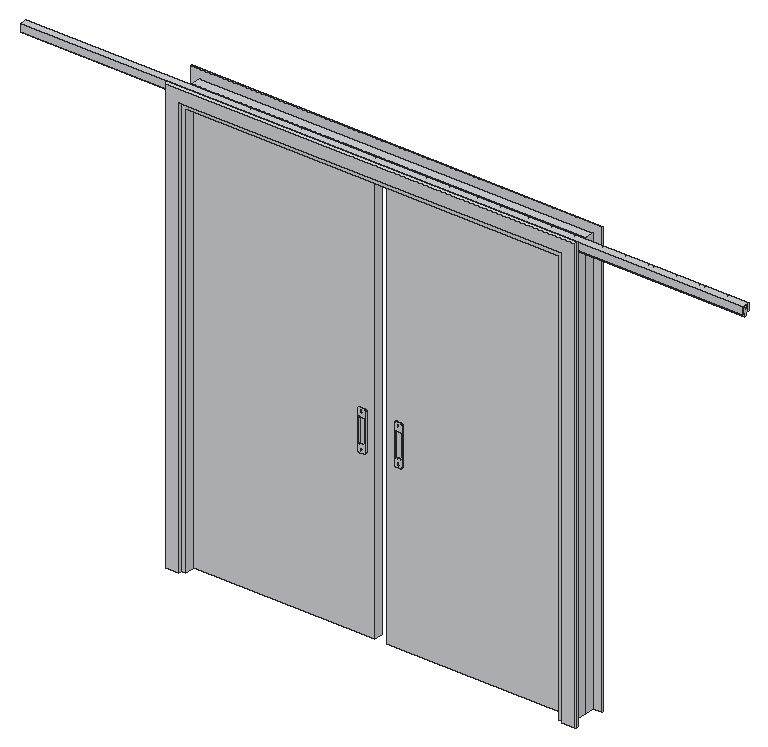
Revit family "Porta de correr com revestimento - 2 Painéis embutidos na parede", category Portas, Revit 2019
Family settings
  Hospedeiro = Parede
  Número OmniClass = 23.30.10.00
  Título OmniClass = Doors
  Sempre na vertical = Sim
  Corte com vazios quando carregada = Não
  Compartilhado = Não
  Ponto de cálculo do ambiente = Não
Parameters (values of type "920 x 2100mm")
  Visual Light Transmittance = 0
  Largura da apara = 70 mm
  Espessura da apara = 10 mm
  Material da apara = none
  Espessura = 45 mm
  Solar Heat Gain Coefficient = 0
  Material deslizante = none
  Rough Width = 1940 mm
  Rough Height = 2100 mm
  Largura do painel = (Width - Largura da estrutura * 2) / 2  # 920 mm
  ID do tipo de construção = ""
  Coeficiente de transferência de calor (U) = 3.7021 W/(m²·K)
  Material do puxador = none
  Estender largura = Largura do painel - 60 mm  # 860 mm
  Material do painel = none
  Função = Interior
  Largura da estrutura = 50 mm
  Height = Rough Height  # 2100 mm
  Fechamento da parede = Por hospedeiro
  Width = Rough Width  # 1940 mm
  Material da moldura = none
  Construção analítica = Metal
Types (5, lengths in mm): name | Rough Width | Largura do painel | Estender largura | Width
  (no name) | 1940 | 920 | 860 | 1940
  920 x 2100mm | 1940 | 920 | 860 | 1940
  620 x 2100mm | 1340 | 620 | 560 | 1340
  720 x 2100mm | 1540 | 720 | 660 | 1540
  820 x 2100mm | 1740 | 820 | 760 | 1740
Reference planes
  plane 1 "Centro (Frente/Trás)": y = 0
  plane 2 "Centro (Esquerda/Direita)": x = 0
  plane 3 "Esquerda": x = -970
  plane 4 "Direita": x = 970
  plane 5: z = 2100
  plane 6 "Exterior": y = 75
  plane 7 "Interior": y = -75
  plane 8: z = 0
  plane 9: x = -920
  plane 10: x = 920
  plane 11: y = 22.5
  plane 12: y = -22.5
  plane 13: y = 27.5
  plane 14: y = -27.5
  plane 15: x = -1780
  plane 16: x = -510
  plane 17: x = -1430
  plane 18: z = 1050
  plane 19: z = 900
  plane 20: x = -30
  plane 21: x = 30
  plane 22: x = -90
  plane 23: x = 90
  plane 24: x = 510
  plane 25: x = 1430
  plane 26: x = 1780
  plane 27: x = -647.5
  plane 28: x = -372.5
  plane 29: through (-647.5, -300, 1050) normal (-0.5, 0, 0.866)
  plane 30: through (-647.5, -300, 1050) normal (0.5, 0, 0.866)
  plane 31: x = 647.5
  plane 32: x = 372.5
  plane 33: through (647.5, -300, 1050) normal (-0.5, 0, -0.866)
  plane 34: through (647.5, -300, 1050) normal (0.5, 0, -0.866)
Forms (mm)
  Sweep 1, solid, material <- "Material deslizante", detail levels fine
    path origin (0, 0, 0) x (1, 0, 0) y (0, 0, 1)
      loop
        line (1780, 2100) -> (-1780, 2100)
    profile "Perfil_Deslizante_M : Perfil_Deslizante_M" origin (0, 0, 2100) x (0, 0, -1) y (0, -1, 0)
      loop
        line (33, 2.875) -> (35, 2.875) -> (35, 17.5) -> (0, 17.5) -> (0, -17.5) -> (35, -17.5) -> (35, -2.875) -> (33, -2.875) -> (33, -15.5) -> (2, -15.5) -> (2, 15.5) -> (33, 15.5) -> (33, 2.875)
      loop
        line (21.25, -5.875) -> (21.25, -1.25) -> (50, -1.25) -> (50, 1.25) -> (21.25, 1.25) -> (21.25, 5.875) -> (32, 5.875) -> (32, 10.875) -> (8.25, 10.875) -> (8.25, 5.875) -> (18.75, 5.875) -> (18.75, -5.875) -> (8.25, -5.875) -> (8.25, -10.875) -> (32, -10.875) -> (32, -5.875) -> (21.25, -5.875)
  Extrusion 2, solid, material <- "Material do painel", detail levels medium+fine
    sketch origin (0, 0, 2100) x (0, -1, 0) y (-1, 0, 0)
      loop
        line (-22.5, 970) -> (-22.5, 30) -> (22.5, 30) -> (22.5, 970) -> (-22.5, 970)
    from 50 to 2100
  Extrusion 3, solid, material <- "Material do painel", detail levels fine
    sketch origin (0, 0, 2100) x (0, -1, 0) y (-1, 0, 0)
      loop
        line (-22.5, -30) -> (-22.5, -970) -> (22.5, -970) -> (22.5, -30) -> (-22.5, -30)
    from 50 to 2100
  Sweep 4, solid, material <- "Material da moldura", detail levels medium+fine
    path origin (0, 0, 0) x (1, 0, 0) y (0, 0, 1)
      loop
        line (-970, 0) -> (-970, 2100) -> (970, 2100) -> (970, 0)
    profile origin (-970, 0, 1050) x (-1, 0, 0) y (0, -1, 0)
      loop
        line (0, -75) -> (0, -27.5) -> (-50, -27.5) -> (-50, -75) -> (0, -75)
  Sweep 5, solid, material <- "Material da moldura", detail levels medium+fine
    path origin (0, 0, 0) x (1, 0, 0) y (0, 0, 1)
      loop
        line (-970, 0) -> (-970, 2100) -> (970, 2100) -> (970, 0)
    profile origin (-970, 0, 1050) x (-1, 0, 0) y (0, -1, 0)
      loop
        line (0, 27.5) -> (0, 75) -> (-50, 75) -> (-50, 27.5) -> (0, 27.5)
  Extrusion 6, solid, material <- "Material do painel", detail levels coarse+medium
    sketch origin (0, 0, 2100) x (0, -1, 0) y (-1, 0, 0)
      loop
        line (-27.5, 970) -> (-27.5, 30) -> (27.5, 30) -> (27.5, 970) -> (-27.5, 970)
    from 0 to 2100
  Extrusion 7, solid, material <- "Material do painel", detail levels coarse+medium
    sketch origin (0, 0, 2100) x (0, -1, 0) y (-1, 0, 0)
      loop
        line (-27.5, -30) -> (-27.5, -970) -> (27.5, -970) -> (27.5, -30) -> (-27.5, -30)
    from 0 to 2100
  Sweep 8, solid, material <- "Material da apara", detail levels fine
    path origin (0, 75, 0) x (1, 0, 0) y (0, 0, 1)
      loop
        line (-970, 0) -> (-970, 2100) -> (970, 2100) -> (970, 0)
    profile "Perfil da apara : Perfil da apara" origin (970, 75, 1050) x (1, 0, 0) y (0, -1, 0)
      loop
        line (43, 0) -> (-27, 0) -> (-27, -10) -> (37, -10) -> (43, -4) -> (43, 0)
  Sweep 9, solid, material <- "Material da apara", detail levels fine
    path origin (0, -75, 0) x (1, 0, 0) y (0, 0, 1)
      loop
        line (970, 0) -> (970, 2100) -> (-970, 2100) -> (-970, 0)
    profile "Perfil da apara : Perfil da apara" origin (970, -75, 1050) x (-1, 0, 0) y (0, -1, 0)
      loop
        line (-43, 0) -> (27, 0) -> (27, 10) -> (-37, 10) -> (-43, 4) -> (-43, 0)
Lines and regions (mm)
  Opening 1
    outline origin (-3739.296, -75, 0) x (1, 0, 0) y (0, 0, 1)
      loop
        line (2769.296, 0) -> (4709.296, 0) -> (4709.296, 2100) -> (2769.296, 2100) -> (2769.296, 0)
  Masking region 1
    outline origin (0, 0, 2100) x (0, -1, 0) y (1, 0, 0)
      loop
        line (-27.5, -1780) -> (27.5, -1780) -> (27.5, -510) -> (-27.5, -510) -> (-27.5, -1780)
  Masking region 2
    outline origin (0, 0, 2100) x (0, -1, 0) y (1, 0, 0)
      loop
        line (-27.5, 510) -> (27.5, 510) -> (27.5, 1780) -> (-27.5, 1780) -> (-27.5, 510)
  symbolic lines, style "DoorsPanelProjection"
    curve 1: line (-970, 27.5, 2100) -> (-1780, 27.5, 2100)
    curve 2: line (-1780, 27.5, 2100) -> (-1780, -27.5, 2100)
    curve 3: line (-1780, -27.5, 2100) -> (-970, -27.5, 2100)
    curve 4: line (-1780, 27.5, 2100) -> (-920, 27.5, 2100)
    curve 9: line (920, 27.5, 2100) -> (1780, 27.5, 2100)
    curve 10: line (1780, -27.5, 2100) -> (920, -27.5, 2100)
    curve 11: line (1780, 27.5, 2100) -> (1780, -27.5, 2100)
  symbolic lines, style "DoorsPanelProjection", detail levels fine
    curve 5: line (-1430, 22.5, 2100) -> (-510, 22.5, 2100)
    curve 6: line (-1430, -22.5, 2100) -> (-1430, 22.5, 2100)
    curve 7: line (-510, -22.5, 2100) -> (-1430, -22.5, 2100)
    curve 8: line (-510, 22.5, 2100) -> (-510, -22.5, 2100)
    curve 12: line (510, 22.5, 2100) -> (1430, 22.5, 2100)
    curve 13: line (510, -22.5, 2100) -> (510, 22.5, 2100)
    curve 14: line (1430, -22.5, 2100) -> (510, -22.5, 2100)
    curve 15: line (1430, 22.5, 2100) -> (1430, -22.5, 2100)
  symbolic lines, style "Giro da elevação", detail levels medium+fine
    curve 16: line (920, 75, 0) -> (30, 75, 2050)
    curve 17: line (30, 75, 0) -> (920, 75, 2050)
    curve 18: line (-30, 75, 2050) -> (-920, 75, 0)
    curve 19: line (-30, 75, 0) -> (-920, 75, 2050)
  symbolic lines, style "Giro da elevação", detail levels coarse
    curve 20: line (970, 75, 2100) -> (30, 75, 0)
    curve 21: line (970, 75, 0) -> (30, 75, 2100)
    curve 22: line (-30, 75, 2100) -> (-970, 75, 0)
    curve 23: line (-970, 75, 2100) -> (-30, 75, 0)
  symbolic lines, style "DoorsPanelProjection", detail levels coarse+medium
    curve 24: line (-970, 27.5, 0) -> (-510, 27.5, 0)
    curve 25: line (-510, 27.5, 0) -> (-510, -27.5, 0)
    curve 26: line (-510, -27.5, 0) -> (-970, -27.5, 0)
    curve 27: line (-1430, 27.5, 0) -> (-1430, -27.5, 0)
    curve 28: line (970, 27.5, 0) -> (510, 27.5, 0)
    curve 29: line (510, 27.5, 0) -> (510, -27.5, 0)
    curve 30: line (510, -27.5, 0) -> (967.059, -27.5, 0)
    curve 31: line (1430, -27.5, 0) -> (1430, 27.5, 0)
  symbolic lines, style "Seta"
    curve 32: line (-647.5, 0, 1050) -> (-372.5, 0, 1050)
    curve 33: line (-647.5, 0, 1050) -> (-569.558, 0, 1095)
    curve 34: line (-647.5, 0, 1050) -> (-569.558, 0, 1005)
    curve 35: line (647.5, 0, 1050) -> (372.5, 0, 1050)
    curve 36: line (647.5, 0, 1050) -> (569.558, 0, 1095)
    curve 37: line (647.5, 0, 1050) -> (569.558, 0, 1005)
Text (mm)
  text "Externo" at (-2295.016, 1099.543, 0), in view "Nível de referência"
  text "Externo" at (0, 1615.38, 3698.081), in view "Esquerda"
  text "Externo" at (0, 1036.032, 3874.932), in view "Direita"
Dimensions and locks
  equal spacing: plane 3 "Esquerda", plane 2 "Centro (Esquerda/Direita)", plane 4 "Direita"
  "Width": plane 3 "Esquerda" to plane 4 "Direita"
  "Height": plane 5 to host wall
  locked: plane 6 "Exterior" to host wall at 0
  locked: plane 7 "Interior" to host wall
  locked: level to plane 8 at 0
  "Largura da estrutura": plane 3 "Esquerda" to plane 9
  "Largura da estrutura": plane 10 to plane 4 "Direita"
  equal spacing: plane 11, plane 1 "Centro (Frente/Trás)", plane 12
  "Espessura": plane 11 to plane 12
  locked: plane 13 to plane 11 at 5
  locked: plane 12 to plane 14 at 5
  "Estender largura": plane 15 to plane 9
  equal spacing: plane 17, plane 3 "Esquerda", plane 16
  "Largura do painel": plane 17 to plane 16
  locked: plane 8 to plane 19 at 900
  equal spacing: plane 20, plane 2 "Centro (Esquerda/Direita)", plane 21
  locked: plane 20 to plane 21 at 60
  plane 22 to plane 20 = 60 mm
  plane 21 to plane 23 = 60 mm
  "Largura do painel": plane 24 to plane 25
  equal spacing: plane 24, plane 4 "Direita", plane 25
  "Estender largura": plane 10 to plane 26
  equal spacing: plane 8, plane 18, plane 5
  locked: plane 27 to plane 28 at 275
  equal spacing: plane 27, plane 16, plane 28
  locked: curve 33 to curve 33 at 90
  locked: curve 34 to curve 34 at 90
  locked: plane 31 to plane 32 at 275
  equal spacing: plane 31, plane 24, plane 32
  locked: curve 36 to curve 36 at 90
  locked: curve 37 to curve 37 at 90
  locked: plane 18 to plane 29 (angle 30.00°)
  locked: plane 30 to plane 18 (angle 30.00°)
  locked: plane 33 to plane 18 (angle 30.00°)
  locked: plane 18 to plane 34 (angle 30.00°)
  aligned and locked: plane 3 "Esquerda" to Opening 1 sketch curve
  aligned and locked: plane 5 to Opening 1 sketch curve  (x2)
  aligned and locked: Opening 1 sketch curve to plane 4 "Direita"
  aligned and locked: Opening 1 sketch curve to level
  aligned and locked: host wall to plane 1 "Centro (Frente/Trás)"
  aligned and locked: plane 13 to curve 1
  aligned and locked: curve 2 to plane 15
  aligned and locked: curve 3 to plane 14
  aligned and locked: plane 5 to Sweep 1 sketch curve
  aligned and locked: Masking region 1 sketch curve to curve 1
  aligned and locked: Masking region 1 sketch curve to curve 2
  aligned and locked: plane 16 to Masking region 1 sketch curve
  aligned and locked: plane 15 to Sweep 1 sketch curve
  aligned and locked: Extrusion 2 sketch curve to plane 12
  aligned and locked: plane 20 to Extrusion 2 sketch curve
  aligned and locked: Extrusion 2 to plane 8
  aligned and locked: plane 11 to Extrusion 3 sketch curve
  aligned and locked: Extrusion 3 sketch curve to plane 21
  aligned and locked: Extrusion 3 sketch curve to plane 12
  aligned and locked: Extrusion 3 sketch curve to plane 4 "Direita"
  aligned and locked: Extrusion 3 to plane 8
  aligned and locked: Extrusion 3 to plane 21
  aligned and locked: Extrusion 3 to plane 4 "Direita"
  aligned and locked: curve 4 to plane 13
  aligned and locked: plane 9 to curve 4
  aligned and locked: curve 5 to plane 11
  aligned and locked: plane 17 to curve 6
  aligned and locked: plane 12 to curve 7
  aligned and locked: curve 8 to plane 16
  aligned and locked: plane 26 to Masking region 2
  aligned and locked: plane 13 to Masking region 2
  aligned and locked: Masking region 2 to plane 24
  aligned and locked: plane 14 to Masking region 2
  aligned and locked: curve 9 to plane 13
  aligned and locked: curve 10 to plane 14
  aligned and locked: curve 11 to plane 26
  aligned and locked: plane 10 to curve 10
  aligned and locked: plane 10 to curve 9
  aligned and locked: plane 24 to curve 13
  aligned and locked: curve 12 to plane 11
  aligned and locked: curve 15 to plane 25
  aligned and locked: curve 14 to plane 12
  aligned and locked: plane 21 to Extrusion 3  (x2)
  aligned and locked: plane 10 to curve 16
  aligned and locked: plane 8 to curve 16
  aligned and locked: plane 21 to curve 16
  aligned and locked: plane 8 to curve 17
  aligned and locked: plane 10 to curve 17
  aligned and locked: plane 20 to curve 19
  aligned and locked: plane 8 to curve 19
  aligned and locked: plane 8 to curve 18
  aligned and locked: plane 9 to curve 18
  aligned and locked: plane 20 to curve 18
  aligned and locked: plane 9 to curve 19
  aligned and locked: plane 26 to Sweep 1 sketch curve
  aligned and locked: Sweep 4 sketch curve to plane 3 "Esquerda"
  aligned and locked: plane 5 to Sweep 4 sketch curve
  aligned and locked: plane 4 "Direita" to Sweep 4 sketch curve
  aligned and locked: plane 6 "Exterior" to Sweep 4 sketch curve
  aligned and locked: Sweep 4 sketch curve to plane 9
  aligned and locked: plane 13 to Sweep 4 sketch curve
  aligned and locked: profile plane to Sweep 4 sketch curve
  aligned and locked: plane 8 to Sweep 4 sketch curve  (x2)
  aligned and locked: Extrusion 3 to Sweep 4
  aligned and locked: Extrusion 2 to Sweep 4
  aligned and locked: curve 17 to Sweep 4
  aligned and locked: Sweep 4 to curve 16
  aligned and locked: Sweep 4 to curve 18
  aligned and locked: Sweep 4 to curve 19
  aligned and locked: Sweep 5 sketch curve to plane 3 "Esquerda"  (x2)
  aligned and locked: plane 5 to Sweep 5 sketch curve
  aligned and locked: plane 4 "Direita" to Sweep 5 sketch curve
  aligned and locked: plane 8 to Sweep 5 sketch curve  (x2)
  aligned and locked: plane 14 to Sweep 5 sketch curve
  aligned and locked: Sweep 5 sketch curve to plane 9
  aligned and locked: Sweep 5 sketch curve to plane 7 "Interior"
  aligned and locked: Extrusion 6 sketch curve to plane 13
  aligned and locked: Extrusion 6 sketch curve to plane 14
  aligned and locked: Extrusion 6 sketch curve to plane 3 "Esquerda"
  aligned and locked: Extrusion 6 sketch curve to plane 20
  aligned and locked: Extrusion 6 to plane 8
  aligned and locked: Extrusion 7 sketch curve to plane 13
  aligned and locked: Extrusion 7 sketch curve to plane 14
  aligned and locked: plane 21 to Extrusion 7 sketch curve
  aligned and locked: plane 4 "Direita" to Extrusion 7 sketch curve
  aligned and locked: Extrusion 7 to plane 8
  aligned and locked: plane 5 to curve 20
  aligned and locked: plane 4 "Direita" to curve 20
  aligned and locked: plane 21 to curve 21
  aligned and locked: plane 5 to curve 21
  aligned and locked: plane 20 to curve 22
  aligned and locked: plane 5 to curve 22
  aligned and locked: plane 3 "Esquerda" to curve 23
  aligned and locked: plane 5 to curve 23
  aligned and locked: plane 8 to curve 21
  aligned and locked: plane 4 "Direita" to curve 21
  aligned and locked: plane 21 to curve 20
  aligned and locked: plane 3 "Esquerda" to curve 22
  aligned and locked: plane 8 to curve 22
  aligned and locked: nested 1 to Extrusion 2
  aligned and locked: nested 2 to Extrusion 2
  aligned and locked: Extrusion 2 to nested 3
  aligned and locked: Extrusion 2 to nested 4
  aligned and locked: curve 27 to plane 17
  aligned and locked: curve 24 to plane 13
  aligned and locked: curve 26 to plane 14
  aligned and locked: curve 25 to plane 16
  aligned and locked: plane 25 to curve 31
  aligned and locked: plane 14 to curve 30
  aligned and locked: curve 29 to plane 24
  aligned and locked: plane 13 to curve 28
  aligned and locked: curve 33 to plane 29
  aligned and locked: curve 34 to plane 30
  aligned and locked: curve 36 to plane 33
  aligned and locked: curve 37 to plane 34
  aligned and locked: nested 5 to plane 5
  aligned and locked: nested 5 to Sweep 1
  aligned and locked: plane 4 "Direita" to Sweep 8 sketch curve
  aligned and locked: plane 5 to Sweep 8 sketch curve
  aligned and locked: plane 3 "Esquerda" to Sweep 8 sketch curve
  aligned and locked: Sweep 9 sketch curve to plane 4 "Direita"
  aligned and locked: Sweep 9 sketch curve to plane 5
  aligned and locked: Sweep 9 sketch curve to plane 3 "Esquerda"
Automatic sketch dimensions
  curve 3 to plane 3 "Esquerda" = 0 mm
  plane 14 to curve 3 = 0 mm
  curve 1 to plane 3 "Esquerda" = 0 mm
  Masking region 1 sketch curve to plane 14 = 0 mm
  Extrusion 2 sketch curve to plane 11 = 0 mm
  Extrusion 2 sketch curve to plane 3 "Esquerda" = 0 mm
  Masking region 2 sketch curve to plane 13 = 0 mm
  plane 14 to Masking region 2 sketch curve = 0 mm
  Masking region 2 sketch curve to plane 24 = 0 mm
  Masking region 2 sketch curve to plane 26 = 0 mm
  Extrusion 7 sketch curve to plane 13 = 0 mm
  curve 24 to plane 3 "Esquerda" = 0 mm
  curve 26 to plane 3 "Esquerda" = 0 mm
  curve 28 to plane 4 "Direita" = 0 mm
  curve 27 to plane 14 = 0 mm
  plane 14 to curve 31 = 0 mm
  curve 27 to plane 13 = 0 mm
  curve 31 to plane 13 = 0 mm
  plane 4 "Direita" to curve 30 = 2.941 mm
  curve 32 to plane 28 = 0 mm
  plane 32 to curve 35 = 0 mm
  Sweep 8 sketch curve to level = 0 mm  (x2)
  Sweep 9 sketch curve to level = 0 mm  (x2)
Nested families
  nested 1: "Maçaneta da porta 3" at (-90, 22.5, 900), type "Maçaneta da porta 3", detail levels fine
  nested 2: "Maçaneta da porta 3" at (90, 22.5, 900), type "Maçaneta da porta 3", detail levels fine
  nested 3: "Maçaneta da porta 3" at (-90, -22.5, 900), type "Maçaneta da porta 3", detail levels fine
  nested 4: "Maçaneta da porta 3" at (90, -22.5, 900), type "Maçaneta da porta 3", detail levels fine
  nested 5: "Deslizante_G" at (0, 0, 2100), type "Deslizante_G", detail levels medium
Definition of nested family "Maçaneta da porta 3"
  Parameters
    Width = 40 mm
    Thickness = 3 mm
    Rough Width = Width  # 40 mm
    Rough Height = Height  # 200 mm
    Height = 200 mm
    Material do puxador = none
  Reference planes
    plane 1 "Centro (Frente/Trás)": y = 0
    plane 2: z = 0
    plane 3 "Centro (Esquerda/Direita)": x = 0
    plane 4: x = -20
    plane 5: x = 20
    plane 6: y = 3
    plane 7: z = 100
    plane 8: z = -100
    plane 9: y = -10
    plane 10: x = 15
    plane 11: x = -15
    plane 12: z = 60
    plane 13: z = -60
    plane 14: z = 85
    plane 15: z = -85
    plane 16: z = 62
    plane 17: x = 17
    plane 18: x = -17
    plane 19: z = -62
    plane 20: y = -8
    plane 21: y = -15
  Forms (mm)
    Extrusion 1, solid, material <- "Material do puxador"
      sketch origin (0, 0, 0) x (1, 0, 0) y (0, 0, 1)
        loop
          line (10, 100) -> (-10, 100)
          arc (-10, 100) -> (-17.071, 97.071) -> (-20, 90) r 10
          line (-20, 90) -> (-20, -90)
          arc (-20, -90) -> (-17.071, -97.071) -> (-10, -100) r 10
          line (-10, -100) -> (10, -100)
          arc (10, -100) -> (17.071, -97.071) -> (20, -90) r 10
          line (20, -90) -> (20, 90)
          arc (20, 90) -> (17.071, 97.071) -> (10, 100) r 10
        loop
          line (10, 60) -> (-10, 60)
          arc (-10, 60) -> (-13.536, 58.536) -> (-15, 55) r 5
          line (-15, 55) -> (-15, -55)
          arc (-15, -55) -> (-13.536, -58.536) -> (-10, -60) r 5
          line (-10, -60) -> (10, -60)
          arc (10, -60) -> (13.536, -58.536) -> (15, -55) r 5
          line (15, -55) -> (15, 55)
          arc (15, 55) -> (13.536, 58.536) -> (10, 60) r 5
        loop
          circle (0, 85) r 5
        loop
          circle (0, -85) r 5
      from -3 to 0
    Extrusion 2, solid, material <- "Material do puxador"
      sketch origin (0, 0, 0) x (1, 0, 0) y (0, 0, 1)
        loop
          arc (-10, 60) -> (-13.536, 58.536) -> (-15, 55) r 5
          line (-15, 55) -> (-15, -55)
          arc (-15, -55) -> (-13.536, -58.536) -> (-10, -60) r 5
          line (-10, -60) -> (10, -60)
          arc (10, -60) -> (13.536, -58.536) -> (15, -55) r 5
          line (15, -55) -> (15, 55)
          arc (15, 55) -> (13.536, 58.536) -> (10, 60) r 5
          line (10, 60) -> (-10, 60)
        loop
          arc (-10, 62) -> (-14.95, 59.95) -> (-17, 55) r 7
          line (-17, 55) -> (-17, -55)
          arc (-17, -55) -> (-14.95, -59.95) -> (-10, -62) r 7
          line (-10, -62) -> (10, -62)
          arc (10, -62) -> (14.95, -59.95) -> (17, -55) r 7
          line (17, -55) -> (17, 55)
          arc (17, 55) -> (14.95, 59.95) -> (10, 62) r 7
          line (10, 62) -> (-10, 62)
      from 0 to 10
    Extrusion 3, solid, material <- "Material do puxador"
      sketch origin (0, 0, 0) x (1, 0, 0) y (0, 0, 1)
        loop
          arc (-10, 60) -> (-13.536, 58.536) -> (-15, 55) r 5
          line (-15, 55) -> (-15, -55)
          arc (-15, -55) -> (-13.536, -58.536) -> (-10, -60) r 5
          line (-10, -60) -> (10, -60)
          arc (10, -60) -> (13.536, -58.536) -> (15, -55) r 5
          line (15, -55) -> (15, 55)
          arc (15, 55) -> (13.536, 58.536) -> (10, 60) r 5
          line (10, 60) -> (-10, 60)
      from 8 to 10
    Extrusion 4, void
      sketch origin (0, 0, 0) x (1, 0, 0) y (0, 0, 1)
        loop
          line (-17, 62) -> (-17, -62) -> (17, -62) -> (17, 62) -> (-17, 62)
      from 0 to 15
  Cuts and joins
    Extrusion 4 cuts Extrusion 1
    Extrusion 4 cuts Extrusion 2
    Extrusion 4 cuts Extrusion 3
    joined: Extrusion 1, Extrusion 2, Extrusion 3
  Dimensions and locks
    equal spacing: plane 4, plane 3 "Centro (Esquerda/Direita)", plane 5
    "Thickness": plane 6 to plane 1 "Centro (Frente/Trás)"
    "Width": plane 4 to plane 5
    equal spacing: plane 7, plane 2, plane 8
    "Height": plane 7 to plane 8
    locked: plane 10 to plane 5 at 5
    locked: plane 4 to plane 11 at 5
    locked: plane 8 to plane 13 at 40
    locked: plane 12 to plane 7 at 40
    locked: plane 14 to plane 7 at 15
    locked: plane 8 to plane 15 at 15
    locked: plane 9 to cut or joined group of Extrusion 1, Extrusion 2, Extrusion 3, Extrusion 4 at 10
    locked: plane 18 to plane 11 at 2
    locked: plane 19 to plane 13 at 2
    locked: plane 12 to plane 16 at 2
    locked: plane 10 to plane 17 at 2
    locked: plane 20 to plane 9 at 2
    locked: plane 9 to plane 21 at 5
    radius of Extrusion 1 sketch curve = 10 mm  (x4)
    radius of Extrusion 1 sketch curve = 5 mm  (x6)
    radius of Extrusion 2 sketch curve = 7 mm  (x4)
    aligned and locked: level to plane 2
    aligned and locked: plane 7 to Extrusion 1 sketch curve
    aligned and locked: plane 5 to Extrusion 1 sketch curve
    aligned and locked: Extrusion 1 sketch curve to plane 8
    aligned and locked: Extrusion 1 sketch curve to plane 4
    aligned and locked: plane 12 to Extrusion 1 sketch curve
    aligned and locked: Extrusion 1 sketch curve to plane 10
    aligned and locked: Extrusion 1 sketch curve to plane 13
    aligned and locked: plane 11 to Extrusion 1 sketch curve
    aligned and locked: plane 6 to Extrusion 1
    aligned and locked: plane 1 "Centro (Frente/Trás)" to Extrusion 1
    aligned and locked: plane 14 to Extrusion 1 sketch curve
    aligned and locked: plane 3 "Centro (Esquerda/Direita)" to Extrusion 1 sketch curve  (x2)
    aligned and locked: plane 15 to Extrusion 1 sketch curve
    aligned and locked: Extrusion 2 sketch curve to Extrusion 1  (x4)
    aligned and locked: Extrusion 2 to plane 1 "Centro (Frente/Trás)"
    aligned and locked: Extrusion 2 to plane 9
    aligned and locked: plane 16 to Extrusion 2 sketch curve
    aligned and locked: Extrusion 2 sketch curve to plane 17
    aligned and locked: plane 19 to Extrusion 2 sketch curve
    aligned and locked: Extrusion 2 sketch curve to plane 18
    aligned and locked: Extrusion 3 sketch curve to cut or joined group of Extrusion 1, Extrusion 2, Extrusion 3, Extrusion 4  (x4)
    aligned and locked: plane 20 to Extrusion 3
    aligned and locked: Extrusion 3 to plane 9
    aligned and locked: Extrusion 4 sketch curve to plane 16
    aligned and locked: plane 18 to Extrusion 4 sketch curve
    aligned and locked: Extrusion 4 sketch curve to plane 19
    aligned and locked: plane 17 to Extrusion 4 sketch curve
    aligned and locked: Extrusion 4 to plane 1 "Centro (Frente/Trás)"
    aligned and locked: Extrusion 4 to plane 21
  Automatic sketch dimensions
    Extrusion 1 sketch curve to plane 4 = 0 mm
    Extrusion 1 sketch curve to plane 5 = 0 mm
Definition of nested family "Deslizante_G"
  Reference planes
    plane 1 "Centro (Frente/Trás)": y = 0
    plane 2: z = 0
    plane 3 "Centro (Esquerda/Direita)": x = 0
  Lines and regions (mm)
    symbolic lines
      curve 1: line (0, -17.5, 0) -> (0, 17.5, 0)
      curve 2: line (0, 17.5, 0) -> (0, 17.5, -35)
      curve 3: line (0, 17.5, -35) -> (0, 1.25, -35)
      curve 4: line (0, -17.5, -35) -> (0, -17.5, 0)
      curve 5: line (0, -1.25, -35) -> (0, -17.5, -35)
      curve 6: line (0, -1.25, -35) -> (0, -1.25, -50)
      curve 7: line (0, 1.25, -50) -> (0, 1.25, -25)
      curve 8: line (0, -1.25, -35) -> (0, -1.25, -25)
      curve 9: line (0, -1.25, -25) -> (0, 1.25, -25)
      curve 10: line (0, 1.25, -50) -> (0, -1.25, -50)
  Dimensions and locks
    aligned and locked: level to plane 2
